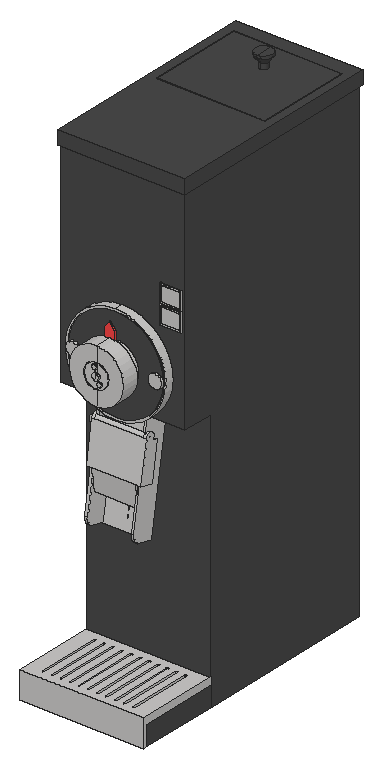
Revit family "QF_ELECTROLUXPROFESSIONAL_600792_E875BUK", category Specialty Equipment, Revit 2018
Family settings
  Round Connector Dimension = Use Diameter
  Part Type = Normal
  Work Plane-Based = No
  Always vertical = Yes
  Cut with Voids When Loaded = No
  Shared = No
  Room Calculation Point = No
Parameters
  Weight = 0.00 lbm
  Watts = 0 W
  Volts = 230 V
  URL Manufacturer = "http://professional.electrolux.com"
  URL = "http://professional.electrolux.com"
  Steam Supply Size = 0 mm
  Steam Supply Minimum Pressure = 0.00 psi
  Steam Supply Maximum Pressure = 0.00 psi
  Steam Pounds per Hour = 0
  Show Clearance [instance] = yes
  Refrigeration Suction Line Size = 0 mm
  Refrigeration Liquid Line Size = 0 mm
  Refrigerant Compressor Remote = yes
  Phase = 1
  Model = "E875BUK"
  Manufacturer = "Electrolux"
  Length Actual = 178 mm  # constant formula
  Item Number = "600792"
  Hot Water Size = 0 mm
  Height Actual = 711 mm  # constant formula
  HP = "1.1 HP"
  Gas Size = 0 mm
  Gas KW = 0
  Gas Input Pressure = 0.0 Btu/h
  Direct Waste Size = 0 mm
  Description = "GRINDER. ONE 1.4 KG HOPPER - BLACK-UK PLUG"
  Depth Actual = 381 mm  # constant formula
  Cycle = 50 Hz
  Condensate Return Size = 0 mm
  Compressed Air Volume = 0 GPM
  Compressed Air Size = 0 mm
  Compressed Air Pressure = 0.00 psi
  Cold Water Size = 0 mm
  Accessory = yes
Reference planes
  plane 1 "BACK": y = 0
  plane 2: z = 0
  plane 3 "LEFT": x = 0
  plane 4 "RIGHT": x = 177.8
  plane 5 "FRONT": y = -381
  plane 6 "TOP": z = 685.8
  plane 7 "Center Y": x = 88.9
  plane 8 "Center X": y = -190.5
  plane 9: y = -355.6
  plane 10: z = 368.3
  plane 11: z = 38.1
  plane 12: z = 247.65
  plane 13: z = 426.161
Forms (mm)
  Extrusion 1, solid, material "QF_Plastic - Black - Smooth"
    sketch origin (0, 0, 0) x (0, 1, 0) y (0, 0, 1)
      loop
        line (-309.442, 666.75) -> (-309.442, 368.3) -> (-264.385, 368.3) -> (-264.385, 0) -> (-3.747, 0) -> (-3.747, 666.75) -> (-309.442, 666.75)
    from 2.013 to 175.787
  Extrusion 2, solid, material "QF_Metal - Stainless - Polished"
    sketch origin (0, -309.442, 666.75) x (0, 0, -1) y (1, 0, 0)
      loop
        circle (240.589, 88.9) r 69.85
      loop
        circle (240.589, 88.9) r 67.38
    from 0 to 12.481
  Extrusion 3, solid, material "QF_Plastic - Black - Smooth"
    sketch origin (0, -309.442, 666.75) x (0, 0, -1) y (1, 0, 0)
      loop
        circle (240.589, 88.9) r 67.38
    from 0 to 12.481
  Extrusion 4, solid, material "QF_Metal - Stainless - Polished"
    sketch origin (88.9, -355.6, 426.952) x (0, 0, 1) y (-1, 0, 0)
      loop
        circle (10.204, 2.254) r 3.175
      loop
        circle (-10.006, -4.691) r 3.175
    from 0 to 0.794
  Extrusion 5, solid, material "QF_Metal - Stainless - Polished"
    sketch origin (0, -309.442, 666.75) x (0, 0, -1) y (1, 0, 0)
      loop
        line (124.105, 142.513) -> (149.505, 142.513) -> (149.505, 171.705) -> (124.105, 171.705) -> (124.105, 142.513)
      loop
        line (176.95, 142.513) -> (176.95, 171.705) -> (151.55, 171.705) -> (151.55, 142.513) -> (176.95, 142.513)
      loop
        line (125.692, 170.117) -> (125.692, 144.101) -> (147.917, 144.101) -> (147.917, 170.117) -> (125.692, 170.117)
      loop
        line (153.138, 170.117) -> (153.138, 144.101) -> (175.363, 144.101) -> (175.363, 170.117) -> (153.138, 170.117)
    from 0 to 1.588
  Extrusion 6, solid, material "QF_Metal - Stainless - Polished"
    sketch origin (0, -309.442, 666.75) x (0, 0, -1) y (1, 0, 0)
      loop
        line (147.917, 144.101) -> (147.917, 170.117) -> (125.692, 170.117) -> (125.692, 144.101) -> (147.917, 144.101)
      loop
        line (153.138, 144.101) -> (175.363, 144.101) -> (175.363, 170.117) -> (153.138, 170.117) -> (153.138, 144.101)
    from 0 to 1.588
  Extrusion 7, solid, material "QF_Metal - Stainless - Polished"
    sketch origin (0, 0, 0) x (0, 1, 0) y (0, 0, 1)
      loop
        line (-377.825, 27.995) -> (-377.825, 0) -> (-264.385, 0) -> (-264.385, 27.995) -> (-377.825, 27.995)
    from 2.013 to 175.787
  Extrusion 8, solid, material "QF_Metal - Stainless - Polished"
    sketch origin (0, -264.385, 387.35) x (0, 0, -1) y (1, 0, 0)
      loop
        line (359.355, 2.013) -> (359.355, 5.188) -> (349.25, 5.188) -> (349.25, 2.013) -> (359.355, 2.013)
      loop
        line (359.355, 175.787) -> (349.25, 175.787) -> (349.25, 172.612) -> (359.355, 172.612) -> (359.355, 175.787)
    from 0 to 113.44
  Extrusion 9, solid, material "QF_Metal - Stainless - Polished"
    sketch origin (7.246, -264.385, 38.1) x (-1, 0, 0) y (0, -1, 0)
      loop
        line (2.058, 0) -> (2.058, 113.44) -> (-165.367, 113.44) -> (-165.367, 0) -> (2.058, 0)
      loop
        arc (-16.599, 104.033) -> (-18.187, 105.621) -> (-19.774, 104.033) r 1.587
        line (-19.774, 104.033) -> (-19.774, 14.918)
        arc (-19.774, 14.918) -> (-18.187, 13.331) -> (-16.599, 14.918) r 1.587
        line (-16.599, 14.918) -> (-16.599, 104.033)
      loop
        arc (-29.299, 104.033) -> (-30.887, 105.621) -> (-32.474, 104.033) r 1.587
        line (-32.474, 104.033) -> (-32.474, 14.918)
        arc (-32.474, 14.918) -> (-30.887, 13.331) -> (-29.299, 14.918) r 1.587
        line (-29.299, 14.918) -> (-29.299, 104.033)
      loop
        arc (-41.999, 104.033) -> (-43.587, 105.621) -> (-45.174, 104.033) r 1.587
        line (-45.174, 104.033) -> (-45.174, 14.918)
        arc (-45.174, 14.918) -> (-43.587, 13.331) -> (-41.999, 14.918) r 1.587
        line (-41.999, 14.918) -> (-41.999, 104.033)
      loop
        arc (-54.699, 104.033) -> (-56.287, 105.621) -> (-57.874, 104.033) r 1.587
        line (-57.874, 104.033) -> (-57.874, 14.918)
        arc (-57.874, 14.918) -> (-56.287, 13.331) -> (-54.699, 14.918) r 1.587
        line (-54.699, 14.918) -> (-54.699, 104.033)
      loop
        arc (-67.399, 104.033) -> (-68.987, 105.621) -> (-70.574, 104.033) r 1.587
        line (-70.574, 104.033) -> (-70.574, 14.918)
        arc (-70.574, 14.918) -> (-68.987, 13.331) -> (-67.399, 14.918) r 1.587
        line (-67.399, 14.918) -> (-67.399, 104.033)
      loop
        arc (-80.099, 104.033) -> (-81.687, 105.621) -> (-83.274, 104.033) r 1.587
        line (-83.274, 104.033) -> (-83.274, 14.918)
        arc (-83.274, 14.918) -> (-81.687, 13.331) -> (-80.099, 14.918) r 1.587
        line (-80.099, 14.918) -> (-80.099, 104.033)
      loop
        arc (-92.799, 104.033) -> (-94.387, 105.621) -> (-95.974, 104.033) r 1.587
        line (-95.974, 104.033) -> (-95.974, 14.918)
        arc (-95.974, 14.918) -> (-94.387, 13.331) -> (-92.799, 14.918) r 1.587
        line (-92.799, 14.918) -> (-92.799, 104.033)
      loop
        arc (-105.499, 104.033) -> (-107.087, 105.621) -> (-108.674, 104.033) r 1.587
        line (-108.674, 104.033) -> (-108.674, 14.918)
        arc (-108.674, 14.918) -> (-107.087, 13.331) -> (-105.499, 14.918) r 1.587
        line (-105.499, 14.918) -> (-105.499, 104.033)
      loop
        arc (-118.199, 104.033) -> (-119.787, 105.621) -> (-121.374, 104.033) r 1.587
        line (-121.374, 104.033) -> (-121.374, 14.918)
        arc (-121.374, 14.918) -> (-119.787, 13.331) -> (-118.199, 14.918) r 1.587
        line (-118.199, 14.918) -> (-118.199, 104.033)
      loop
        arc (-130.899, 104.033) -> (-132.487, 105.621) -> (-134.074, 104.033) r 1.587
        line (-134.074, 104.033) -> (-134.074, 14.918)
        arc (-134.074, 14.918) -> (-132.487, 13.331) -> (-130.899, 14.918) r 1.587
        line (-130.899, 14.918) -> (-130.899, 104.033)
      loop
        arc (-143.599, 104.033) -> (-145.187, 105.621) -> (-146.774, 104.033) r 1.587
        line (-146.774, 104.033) -> (-146.774, 14.918)
        arc (-146.774, 14.918) -> (-145.187, 13.331) -> (-143.599, 14.918) r 1.587
        line (-143.599, 14.918) -> (-143.599, 104.033)
    from 0 to -3.175
  Extrusion 10, solid, material "QF_Metal - Stainless - Polished"
    sketch origin (0, -377.825, 34.674) x (0, 0, 1) y (-1, 0, 0)
      loop
        line (-34.674, -2.013) -> (-34.674, -175.787) -> (3.426, -175.787) -> (3.426, -2.013) -> (-34.674, -2.013)
    from 0 to 3.175
  Extrusion 11, solid, material "QF_Door-Drawer Clearances", visible <- "Show Clearance", detail levels coarse
    sketch origin (0, 0, 0) x (0, 1, 0) y (0, 0, 1)
      loop
        line (-155.281, 685.8) -> (-19.75, 685.8)
        arc (-19.75, 685.8) -> (-71.644, 756.009) -> (-155.281, 781.05) r 138.068
        line (-155.281, 781.05) -> (-155.281, 685.8)
    from 12.7 to 165.1
  Extrusion 12, solid, material "QF_Metal - Stainless - Polished"
    sketch origin (0, 0, -19.05) x (0, 1, 0) y (0, 0, 1)
      loop
        line (-274.945, 387.35) -> (-307.929, 387.35) -> (-332.59, 247.495)
        arc (-332.59, 247.495) -> (-330.734, 238.372) -> (-323.155, 232.967) r 12.7
        line (-323.155, 232.967) -> (-303.051, 227.954) -> (-274.945, 387.35)
    from 54.596 to 57.778
  Extrusion 13, solid, material "QF_Metal - Stainless - Polished"
    sketch origin (177.8, 0, -19.05) x (0, 1, 0) y (0, 0, -1)
      loop
        line (-274.945, -387.35) -> (-303.051, -227.954) -> (-323.155, -232.967)
        arc (-323.155, -232.967) -> (-330.734, -238.372) -> (-332.59, -247.495) r 12.7
        line (-332.59, -247.495) -> (-307.929, -387.35) -> (-274.945, -387.35)
    from 54.596 to 57.778
  Extrusion 14, solid, material "QF_Metal - Stainless - Polished"
    sketch origin (177.8, 0, -19.05) x (0, 1, 0) y (0, 0, -1)
      loop
        line (-274.945, -387.35) -> (-303.051, -227.954) -> (-306.139, -228.724) -> (-278.169, -387.35) -> (-274.945, -387.35)
    from 57.778 to 120.022
  Extrusion 15, solid, material "QF_Metal - Stainless - Polished"
    sketch origin (88.9, 0, -6.35) x (0, 1, 0) y (0, 0, 1)
      loop
        line (-294.166, 278.341) -> (-302.411, 231.58) -> (-295.737, 231.58)
        arc (-295.737, 231.58) -> (-290.17, 232.688) -> (-285.45, 235.841) r 14.548
        line (-285.45, 235.841) -> (-279.129, 242.162)
        arc (-279.129, 242.162) -> (-274.751, 252.734) -> (-279.129, 263.305) r 14.95
        line (-279.129, 263.305) -> (-294.166, 278.341)
    from -1.588 to 1.588
  Extrusion 16, solid, material "QF_Metal - Stainless - Polished"
    sketch origin (88.9, 0, -6.35) x (0, 1, 0) y (0, 0, 1)
      loop
        line (-288.967, 273.143) -> (-279.129, 263.305)
        arc (-279.129, 263.305) -> (-274.751, 252.734) -> (-279.129, 242.162) r 14.95
        line (-279.129, 242.162) -> (-285.45, 235.841)
        arc (-285.45, 235.841) -> (-287.655, 234.032) -> (-290.17, 232.688) r 14.548
        line (-290.17, 232.688) -> (-264.385, 188.026) -> (-264.385, 297.726) -> (-288.967, 273.143)
    from -1.588 to 1.588
  Extrusion 17, solid, material "QF_Metal - Stainless - Polished"
    sketch origin (177.8, 0, -19.05) x (0, 1, 0) y (0, 0, -1)
      loop
        line (-297.625, -354.366) -> (-306.973, -301.35) -> (-325.503, -305.97) -> (-315.625, -361.989)
        arc (-315.625, -361.989) -> (-308.269, -367.14) -> (-303.118, -359.784) r 6.35
        line (-303.118, -359.784) -> (-303.879, -355.468) -> (-297.625, -354.366)
      loop
        circle (-308.881, -362.582) r 1.85
    from 54.596 to 50.8
  Extrusion 18, solid, material "QF_Metal - Stainless - Polished"
    sketch origin (0, 0, -19.05) x (0, 1, 0) y (0, 0, 1)
      loop
        line (-297.625, 354.366) -> (-303.879, 355.468) -> (-303.118, 359.784)
        arc (-303.118, 359.784) -> (-308.269, 367.14) -> (-315.625, 361.989) r 6.35
        line (-315.625, 361.989) -> (-325.503, 305.97) -> (-306.973, 301.35) -> (-297.625, 354.366)
      loop
        circle (-308.881, 362.582) r 1.85
    from 54.596 to 50.8
  Extrusion 19, solid, material "QF_Metal - Stainless - Polished"
    sketch origin (177.8, 0, -19.05) x (0, 1, 0) y (0, 0, -1)
      loop
        line (-311.543, -366.854) -> (-322.414, -305.2) -> (-325.503, -305.97) -> (-315.625, -361.989)
        arc (-315.625, -361.989) -> (-314.236, -364.968) -> (-311.543, -366.854) r 6.35
    from 54.596 to 123.204
  Extrusion 20, solid, material "QF_Metal - Stainless - Polished"
    sketch origin (177.8, 0, -19.05) x (0, 1, 0) y (0, 0, -1)
      loop
        line (-322.414, -305.2) -> (-318.711, -275.034) -> (-321.66, -274.672) -> (-325.503, -305.97) -> (-322.414, -305.2)
    from 57.778 to 120.022
  Extrusion 21, solid, material "QF_Metal - Stainless - Polished"
    sketch origin (0, -264.385, 368.3) x (0, 0, -1) y (1, 0, 0)
      loop
        circle (62.446, 14.868) r 6.35
    from 0 to 3.175
  Revolve 22, solid, material "QF_Metal - Stainless - Polished"
    sketch origin (88.9, 0, -22.222) x (0, 1, 0) y (0, 0, 1)
      loop
        line (-357.61, 448.383) -> (-321.923, 448.383) -> (-321.923, 480.133) -> (-332.345, 480.133) -> (-332.345, 486.483) -> (-355.6, 486.483) -> (-355.6, 465.87) -> (-354.485, 465.87) -> (-354.485, 465.077) -> (-355.6, 465.077) -> (-355.6, 452.984) -> (-357.61, 452.984) -> (-357.61, 448.383)
      axis (-357.61, 448.383) -> (-321.923, 448.383)
    angle from 0 to 360
  Extrusion 23, solid, material "QF_Metal - Stainless - Polished"
    sketch origin (0, -321.923, 644.528) x (0, 0, -1) y (1, 0, 0)
      loop
        circle (218.367, 31.135) r 9.332
      loop
        circle (218.367, 146.665) r 9.332
    from 0 to 3.175
  Extrusion 24, solid, material "QF_Plastic - Red - Smooth"
    sketch origin (88.9, -332.345, 426.161) x (-1, 0, 0) y (0, 0, 1)
      loop
        line (7.332, 15.876) -> (7.332, 49.18) -> (0, 58.234) -> (-7.332, 49.18) -> (-7.332, 15.876)
        arc (-7.332, 15.876) -> (0, 17.487) -> (7.332, 15.876) r 17.487
    from 0 to 0.794
  Extrusion 25, solid, material "QF_Plastic - Black - Smooth"
    sketch origin (-975.299, -4572, 685.8) x (-1, 0, 0) y (0, -1, 0)
      loop
        line (-975.299, -4572) -> (-975.299, -4259.384) -> (-1153.099, -4259.384) -> (-1153.099, -4572) -> (-975.299, -4572)
      loop
        line (-987.999, -4552.25) -> (-987.999, -4416.719) -> (-1140.399, -4416.719) -> (-1140.399, -4552.25) -> (-987.999, -4552.25)
    from 0 to -19.05
  Extrusion 26, solid, material "QF_Plastic - Black - Smooth"
    sketch origin (-975.299, -4572, 685.8) x (-1, 0, 0) y (0, -1, 0)
      loop
        line (-987.999, -4552.25) -> (-987.999, -4416.719) -> (-1140.399, -4416.719) -> (-1140.399, -4552.25) -> (-987.999, -4552.25)
    from 0 to -19.05
  Revolve 27, solid, material "QF_Plastic - Black - Smooth"
    sketch origin (88.9, 183.335, 1219.2) x (0, 1, 0) y (0, 0, 1)
      loop
        line (-245.247, -513.819) -> (-257.154, -513.819) -> (-257.154, -517.187) -> (-250.761, -525.806) -> (-250.761, -533.4) -> (-245.247, -533.4) -> (-245.247, -513.819)
      axis (-245.247, -533.4) -> (-245.247, -513.819)
    angle from 0 to 360
Cuts and joins
  joined: Extrusion 8, Extrusion 9, Extrusion 10
  joined: Extrusion 17, Extrusion 18, Extrusion 19
Lines and regions (mm)
  Split face 1
    outline origin (0, -264.385, 387.35) x (0, 0, -1) y (1, 0, 0)
      loop
        line (222.858, 37.338) -> (248.258, 37.338) -> (248.258, 140.462) -> (222.858, 140.462) -> (222.858, 37.338)
  Split face 2
    outline origin (0, -309.442, 628.65) x (0, 0, -1) y (1, 0, 0)
      loop
        line (73.188, 10.037) -> (76.363, 10.037) -> (76.363, 167.763) -> (73.188, 167.763) -> (73.188, 10.037)
  Split face 3
    outline origin (0, -309.442, 624.681) x (0, 0, -1) y (1, 0, 0)
      loop
        line (73.188, 10.037) -> (76.363, 10.037) -> (76.363, 167.763) -> (73.188, 167.763) -> (73.188, 10.037)
  symbolic lines
    curve 1: line (0, 0, 0) -> (177.8, 0, 0)
    curve 2: line (0, -312.616, 0) -> (0, 0, 0)
    curve 3: line (177.8, -312.616, 0) -> (0, -312.616, 0)
    curve 4: line (177.8, 0, 0) -> (177.8, -312.616, 0)
    curve 5: line (175.787, -381, 0) -> (175.787, -312.616, 0)
    curve 6: line (2.013, -312.616, 0) -> (2.013, -381, 0)
    curve 7: line (2.013, -381, 0) -> (175.787, -381, 0)
    curve 8: line (19.05, -321.923, 0) -> (19.05, -312.616, 0)
    curve 9: line (19.05, -321.923, 0) -> (158.75, -321.923, 0)
    curve 10: line (158.75, -321.923, 0) -> (158.75, -312.616, 0)
    curve 11: line (23.845, -368.418, 0) -> (23.845, -325.098, 0)
    curve 12: line (27.02, -325.098, 0) -> (27.02, -368.418, 0)
    curve 13: arc (27.02, -368.418, 0) -> (25.432, -370.006, 0) -> (23.845, -368.418, 0) r 1.588
    curve 14: line (36.545, -368.418, 0) -> (36.545, -325.098, 0)
    curve 15: line (39.72, -325.098, 0) -> (39.72, -368.418, 0)
    curve 16: arc (39.72, -368.418, 0) -> (38.132, -370.006, 0) -> (36.545, -368.418, 0) r 1.588
    curve 17: line (40.468, -325.098, 0) -> (21.803, -325.098, 0)
    curve 18: line (21.803, -325.098, 0) -> (21.803, -321.923, 0)
    curve 19: line (40.468, -325.098, 0) -> (40.468, -321.923, 0)
    curve 20: line (153.955, -368.418, 0) -> (153.955, -325.098, 0)
    curve 21: line (150.78, -325.098, 0) -> (150.78, -368.418, 0)
    curve 22: arc (150.78, -368.418, 0) -> (152.368, -370.006, 0) -> (153.955, -368.418, 0) r 1.588
    curve 23: line (141.255, -368.418, 0) -> (141.255, -325.098, 0)
    curve 24: line (138.08, -325.098, 0) -> (138.08, -368.418, 0)
    curve 25: arc (138.08, -368.418, 0) -> (139.668, -370.006, 0) -> (141.255, -368.418, 0) r 1.588
    curve 26: line (155.997, -325.098, 0) -> (155.997, -321.923, 0)
    curve 27: line (155.997, -325.098, 0) -> (137.332, -325.098, 0)
    curve 28: line (137.332, -325.098, 0) -> (137.332, -321.923, 0)
    curve 29: line (49.245, -368.418, 0) -> (49.245, -321.923, 0)
    curve 30: line (52.42, -325.503, 0) -> (52.42, -332.345, 0)
    curve 31: arc (52.42, -368.418, 0) -> (50.832, -370.006, 0) -> (49.245, -368.418, 0) r 1.587
    curve 32: line (50.8, -332.345, 0) -> (127, -332.345, 0)
    curve 33: line (50.8, -355.6, 0) -> (50.8, -332.345, 0)
    curve 34: line (127, -355.6, 0) -> (50.8, -355.6, 0)
    curve 35: line (127, -332.345, 0) -> (127, -355.6, 0)
    curve 36: line (52.42, -355.6, 0) -> (52.42, -368.418, 0)
    curve 37: arc (65.12, -368.418, 0) -> (63.532, -370.006, 0) -> (61.945, -368.418, 0) r 1.587
    curve 38: arc (77.82, -368.418, 0) -> (76.232, -370.006, 0) -> (74.645, -368.418, 0) r 1.587
    curve 39: arc (103.22, -368.418, 0) -> (101.632, -370.006, 0) -> (100.045, -368.418, 0) r 1.587
    curve 40: arc (115.92, -368.418, 0) -> (114.332, -370.006, 0) -> (112.745, -368.418, 0) r 1.587
    curve 41: arc (128.62, -368.418, 0) -> (127.032, -370.006, 0) -> (125.445, -368.418, 0) r 1.587
    curve 42: line (61.945, -368.418, 0) -> (61.945, -355.6, 0)
    curve 43: line (65.12, -368.418, 0) -> (65.12, -355.6, 0)
    curve 44: line (74.645, -368.418, 0) -> (74.645, -355.6, 0)
    curve 45: line (77.82, -368.418, 0) -> (77.82, -355.6, 0)
    curve 46: line (100.045, -368.418, 0) -> (100.045, -355.6, 0)
    curve 47: line (103.22, -368.418, 0) -> (103.22, -355.6, 0)
    curve 48: line (112.745, -368.418, 0) -> (112.745, -355.6, 0)
    curve 49: line (115.92, -368.418, 0) -> (115.92, -355.6, 0)
    curve 50: line (125.445, -368.418, 0) -> (125.445, -355.6, 0)
    curve 51: line (128.62, -368.418, 0) -> (128.62, -321.923, 0)
    curve 52: line (87.345, -368.418, 0) -> (87.345, -357.61, 0)
    curve 53: line (90.52, -368.418, 0) -> (90.52, -357.61, 0)
    curve 54: line (84.3, -357.61, 0) -> (84.3, -356.394, 0)
    curve 55: line (84.3, -356.394, 0) -> (83.471, -356.394, 0)
    curve 56: line (83.471, -356.394, 0) -> (83.471, -355.6, 0)
    curve 57: line (84.3, -357.61, 0) -> (93.5, -357.61, 0)
    curve 58: line (93.5, -357.61, 0) -> (93.5, -356.394, 0)
    curve 59: line (93.5, -356.394, 0) -> (96.766, -356.394, 0)
    curve 60: line (96.766, -356.394, 0) -> (96.766, -355.6, 0)
    curve 61: line (89.821, -356.394, 0) -> (89.821, -355.6, 0)
    curve 62: line (84.3, -356.394, 0) -> (89.821, -356.394, 0)
    curve 63: line (120.65, -321.923, 0) -> (120.65, -332.345, 0)
    curve 64: line (57.15, -321.923, 0) -> (57.15, -332.345, 0)
    curve 65: line (50.8, -325.503, 0) -> (57.15, -325.503, 0)
    curve 66: line (50.8, -325.503, 0) -> (50.8, -321.923, 0)
    curve 67: line (123.204, -325.503, 0) -> (123.204, -332.345, 0)
    curve 68: line (125.445, -325.503, 0) -> (125.445, -332.345, 0)
    curve 69: line (12.7, -19.75, 685.8) -> (165.1, -19.75, 685.8)
    curve 70: line (12.7, -155.281, 685.8) -> (12.7, -19.75, 685.8)
    curve 71: line (165.1, -155.281, 685.8) -> (12.7, -155.281, 685.8)
    curve 72: line (165.1, -19.75, 685.8) -> (165.1, -155.281, 685.8)
    curve 73: circle (88.9, -61.912, 685.8) r 11.906 normal (0, 0, 1)
    curve 74: line (127, -325.503, 685.8) -> (127, -321.923, 685.8)
    curve 75: line (127, -325.503, 685.8) -> (120.65, -325.503, 685.8)
    curve 76: line (54.596, -325.503, 685.8) -> (54.596, -332.345, 685.8)
    curve 77: arc (90.52, -368.418, 685.8) -> (88.932, -370.006, 685.8) -> (87.345, -368.418, 685.8) r 1.587
Dimensions and locks
  equal spacing: plane 3 "LEFT", plane 7 "Center Y", plane 4 "RIGHT"
  plane 3 "LEFT" to plane 4 "RIGHT" = 177.8 mm
  equal spacing: plane 5 "FRONT", plane 8 "Center X", plane 1 "BACK"
  plane 5 "FRONT" to plane 1 "BACK" = 381 mm  (x2)
  plane 6 "TOP" to level = 685.8 mm
  plane 9 to plane 1 "BACK" = 355.6 mm
  plane 6 "TOP" to plane 2 = 685.8 mm
  plane 2 to plane 11 = 38.1 mm
  plane 11 to plane 10 = 330.2 mm
  plane 11 to plane 12 = 209.55 mm
  aligned and locked: plane 2 to level
Automatic sketch dimensions
  curve 3 to plane 3 "LEFT" = 0 mm
  plane 5 "FRONT" to curve 6 = 0 mm
  curve 34 to plane 9 = 0 mm
  curve 3 to plane 4 "RIGHT" = 0 mm
  plane 1 "BACK" to curve 1 = 0 mm
  plane 3 "LEFT" to curve 6 = 2.013 mm
  plane 3 "LEFT" to curve 8 = 19.05 mm
  curve 8 to curve 18 = 2.753 mm
  plane 3 "LEFT" to curve 11 = 23.845 mm
  curve 11 to curve 13 = 1.587 mm
  curve 13 to curve 14 = 9.525 mm
  curve 16 to curve 16 = 1.588 mm
  curve 15 to curve 17 = 0.748 mm
  curve 15 to curve 29 = 9.525 mm
  curve 29 to curve 66 = 1.555 mm
  curve 29 to curve 34 = 1.555 mm
  curve 29 to curve 31 = 1.587 mm
  curve 31 to curve 42 = 9.525 mm
  curve 42 to curve 37 = 1.587 mm
  curve 37 to curve 44 = 9.525 mm
  curve 44 to curve 38 = 1.587 mm
  curve 56 to plane 9 = 0.794 mm
  curve 56 to plane 7 "Center Y" = 5.429 mm
  curve 55 to curve 54 = 0.829 mm
  plane 7 "Center Y" to curve 62 = 0.921 mm
  curve 59 to plane 9 = 0.794 mm
  curve 61 to curve 59 = 3.68 mm
  curve 58 to curve 60 = 3.266 mm
  plane 7 "Center Y" to curve 46 = 11.145 mm
  curve 39 to curve 39 = 1.587 mm
  curve 39 to curve 48 = 9.525 mm
  curve 48 to curve 40 = 1.587 mm
  curve 49 to curve 50 = 9.525 mm
  curve 50 to curve 35 = 1.555 mm
  curve 50 to curve 41 = 1.587 mm
  curve 51 to curve 27 = 8.713 mm
  curve 51 to curve 24 = 9.461 mm
  curve 24 to curve 25 = 1.587 mm
  curve 25 to curve 21 = 9.525 mm
  curve 22 to curve 22 = 1.587 mm
  curve 20 to curve 27 = 2.042 mm
  curve 26 to curve 9 = 2.753 mm
  plane 4 "RIGHT" to curve 5 = 2.013 mm
  curve 40 to plane 5 "FRONT" = 12.582 mm
  curve 39 to curve 40 = 0 mm
  curve 44 to plane 5 "FRONT" = 12.582 mm
  curve 37 to curve 38 = 0 mm
  curve 36 to curve 37 = 0 mm
  curve 11 to plane 5 "FRONT" = 12.582 mm
  curve 13 to curve 14 = 0 mm
  curve 20 to plane 5 "FRONT" = 12.582 mm
  curve 51 to plane 5 "FRONT" = 12.582 mm
  curve 23 to curve 21 = 0 mm
  curve 57 to curve 58 = 1.216 mm
  curve 33 to curve 33 = 23.255 mm
  curve 32 to curve 66 = 6.843 mm
  curve 32 to curve 27 = 7.248 mm
  curve 65 to curve 19 = 0.405 mm
  curve 26 to curve 10 = 3.175 mm
  curve 8 to curve 3 = 9.307 mm
  curve 32 to curve 30 = 1.62 mm
  curve 30 to curve 64 = 4.73 mm
  curve 52 to plane 7 "Center Y" = 1.555 mm
  plane 7 "Center Y" to curve 53 = 1.62 mm
  curve 63 to curve 32 = 6.35 mm
  curve 63 to curve 67 = 2.554 mm
  curve 68 to curve 32 = 1.555 mm
  curve 53 to curve 46 = 0 mm
  curve 52 to curve 53 = 0 mm
  curve 67 to curve 63 = 3.58 mm
  curve 67 to curve 68 = 0 mm
  Extrusion 1 sketch curve to plane 10 = 0 mm
  Extrusion 1 sketch curve to level = 0 mm
  plane 9 to Extrusion 1 sketch curve = 46.158 mm
  Extrusion 1 sketch curve to plane 8 "Center X" = 73.885 mm
  plane 1 "BACK" to Extrusion 1 sketch curve = 3.747 mm
  Extrusion 1 sketch curve to plane 6 "TOP" = 19.05 mm
  Split face 1 sketch curve to Extrusion 1 = 35.325 mm  (x2)
  Split face 1 sketch curve to Extrusion 1 = 164.492 mm
  Split face 1 sketch curve to Split face 1 sketch curve = 25.4 mm
  Extrusion 2 sketch curve to Extrusion 2 sketch curve = 0 mm  (x6)
  Extrusion 1 to Extrusion 2 sketch curve = 57.861 mm
  Extrusion 1 to Extrusion 2 sketch curve = 86.887 mm
  Extrusion 2 sketch curve to Extrusion 2 sketch curve = 67.38 mm
  Extrusion 1 to Extrusion 3 sketch curve = 57.861 mm
  Extrusion 1 to Extrusion 3 sketch curve = 86.887 mm
  Extrusion 4 sketch curve to plane 13 = 9.216 mm
  Extrusion 4 sketch curve to plane 7 "Center Y" = 2.254 mm
  plane 13 to Extrusion 4 sketch curve = 10.995 mm
  plane 7 "Center Y" to Extrusion 4 sketch curve = 4.691 mm
  Extrusion 1 to Extrusion 5 sketch curve = 4.083 mm
  Extrusion 1 to Extrusion 5 sketch curve = 124.105 mm
  Extrusion 5 sketch curve to Extrusion 5 sketch curve = 1.587 mm  (x5)
  Extrusion 1 to Extrusion 5 sketch curve = 5.67 mm  (x2)
  Extrusion 5 sketch curve to Extrusion 5 sketch curve = 22.225 mm  (x2)
  Extrusion 5 sketch curve to Extrusion 5 sketch curve = 2.045 mm
  Extrusion 5 sketch curve to Extrusion 5 sketch curve = 26.016 mm
  Extrusion 5 sketch curve to Extrusion 5 sketch curve = 0 mm  (x2)
  Extrusion 5 sketch curve to Extrusion 5 sketch curve = 1.588 mm
  Extrusion 1 to Extrusion 6 sketch curve = 31.686 mm
  Extrusion 1 to Extrusion 6 sketch curve = 125.692 mm
  Extrusion 1 to Extrusion 6 sketch curve = 5.67 mm  (x2)
  Extrusion 6 sketch curve to Extrusion 6 sketch curve = 22.225 mm  (x2)
  Extrusion 6 sketch curve to Extrusion 6 sketch curve = 5.22 mm
  Extrusion 6 sketch curve to Extrusion 6 sketch curve = 0 mm
  Split face 2 sketch curve to Extrusion 1 = 8.024 mm  (x2)
  Split face 2 sketch curve to Extrusion 1 = 111.288 mm
  Split face 2 sketch curve to Split face 2 sketch curve = 3.175 mm
  Split face 3 sketch curve to Extrusion 1 = 8.024 mm  (x2)
  Split face 3 sketch curve to Extrusion 1 = 115.257 mm
  Split face 3 sketch curve to Split face 3 sketch curve = 3.175 mm
  Extrusion 7 sketch curve to level = 0 mm
  Extrusion 7 sketch curve to plane 5 "FRONT" = 3.175 mm
  Extrusion 7 sketch curve to plane 8 "Center X" = 73.885 mm
  plane 11 to Extrusion 7 sketch curve = 10.105 mm
  Extrusion 8 sketch curve to Extrusion 1 = 0 mm
  Extrusion 1 to Extrusion 8 sketch curve = 0 mm
  Extrusion 1 to Extrusion 8 sketch curve = 3.175 mm  (x2)
  Extrusion 8 sketch curve to Extrusion 1 = 38.1 mm  (x2)
  Extrusion 8 sketch curve to Extrusion 8 sketch curve = 10.105 mm  (x2)
  Extrusion 8 to Extrusion 9 sketch curve = 0 mm  (x2)
  Extrusion 9 sketch curve to Extrusion 8 = 0 mm
  Extrusion 9 sketch curve to Extrusion 8 = 18.657 mm
  Extrusion 9 sketch curve to Extrusion 9 sketch curve = 1.587 mm  (x11)
  Extrusion 9 sketch curve to Extrusion 9 sketch curve = 9.525 mm  (x10)
  Extrusion 9 sketch curve to Extrusion 9 sketch curve = 18.593 mm
  Extrusion 8 to Extrusion 9 sketch curve = 14.918 mm  (x2)
  Extrusion 9 sketch curve to Extrusion 9 sketch curve = 0 mm  (x9)
  Extrusion 8 to Extrusion 9 sketch curve = 9.407 mm  (x11)
  Extrusion 7 to Extrusion 10 sketch curve = 0 mm
  Extrusion 10 sketch curve to Extrusion 7 = 0 mm  (x2)
  Extrusion 10 sketch curve to Extrusion 7 = 10.105 mm
  Extrusion 12 sketch curve to plane 10 = 0 mm
  plane 9 to Extrusion 12 sketch curve = 23.01 mm
  Extrusion 12 sketch curve to Extrusion 12 sketch curve = 9.435 mm
  Extrusion 12 sketch curve to Extrusion 12 sketch curve = 3.072 mm
  plane 9 to Extrusion 12 sketch curve = 47.671 mm
  Extrusion 12 sketch curve to Extrusion 12 sketch curve = 20.104 mm
  Extrusion 12 sketch curve to Extrusion 12 sketch curve = 32.984 mm
  plane 12 to Extrusion 12 sketch curve = 19.205 mm
  Extrusion 12 sketch curve to Extrusion 12 sketch curve = 2.205 mm
  Extrusion 12 sketch curve to Extrusion 12 sketch curve = 5.013 mm
  Extrusion 13 sketch curve to plane 10 = 0 mm
  plane 9 to Extrusion 13 sketch curve = 23.01 mm
  Extrusion 13 sketch curve to Extrusion 13 sketch curve = 9.435 mm
  Extrusion 13 sketch curve to Extrusion 13 sketch curve = 3.072 mm
  plane 9 to Extrusion 13 sketch curve = 47.671 mm
  Extrusion 13 sketch curve to Extrusion 13 sketch curve = 20.104 mm
  Extrusion 13 sketch curve to Extrusion 13 sketch curve = 32.984 mm
  plane 12 to Extrusion 13 sketch curve = 19.205 mm
  Extrusion 13 sketch curve to Extrusion 13 sketch curve = 2.205 mm
  Extrusion 13 sketch curve to Extrusion 13 sketch curve = 5.013 mm
  Extrusion 14 sketch curve to plane 10 = 0 mm
  plane 9 to Extrusion 14 sketch curve = 49.461 mm
  Extrusion 14 sketch curve to Extrusion 14 sketch curve = 3.088 mm
  plane 9 to Extrusion 14 sketch curve = 77.431 mm
  Extrusion 14 sketch curve to Extrusion 14 sketch curve = 3.224 mm
  plane 12 to Extrusion 14 sketch curve = 37.976 mm
  Extrusion 14 sketch curve to Extrusion 14 sketch curve = 0.77 mm
  plane 12 to Extrusion 15 sketch curve = 22.42 mm
  plane 9 to Extrusion 15 sketch curve = 53.189 mm
  Extrusion 15 sketch curve to Extrusion 15 sketch curve = 6.674 mm
  Extrusion 15 sketch curve to plane 12 = 24.341 mm
  Extrusion 15 sketch curve to Extrusion 15 sketch curve = 1.571 mm
  plane 12 to Extrusion 15 sketch curve = 1.266 mm
  Extrusion 15 sketch curve to Extrusion 15 sketch curve = 6.037 mm
  plane 12 to Extrusion 15 sketch curve = 18.159 mm
  Extrusion 15 sketch curve to Extrusion 15 sketch curve = 10.287 mm
  plane 12 to Extrusion 15 sketch curve = 11.838 mm
  Extrusion 15 sketch curve to Extrusion 15 sketch curve = 6.321 mm
  Extrusion 15 sketch curve to plane 12 = 9.305 mm
  plane 12 to Extrusion 16 sketch curve = 7.872 mm
  plane 9 to Extrusion 16 sketch curve = 59.863 mm
  plane 12 to Extrusion 16 sketch curve = 21.312 mm
  Extrusion 16 sketch curve to Extrusion 16 sketch curve = 5.567 mm
  plane 12 to Extrusion 16 sketch curve = 1.266 mm
  Extrusion 16 sketch curve to Extrusion 16 sketch curve = 6.037 mm
  Extrusion 16 sketch curve to plane 12 = 19.143 mm
  Extrusion 16 sketch curve to Extrusion 16 sketch curve = 0.733 mm
  plane 12 to Extrusion 16 sketch curve = 18.159 mm
  plane 12 to Extrusion 16 sketch curve = 11.838 mm
  Extrusion 16 sketch curve to Extrusion 16 sketch curve = 6.321 mm
  Extrusion 16 sketch curve to plane 12 = 9.305 mm
  Extrusion 16 sketch curve to plane 12 = 43.726 mm
  Extrusion 16 sketch curve to Extrusion 16 sketch curve = 44.661 mm
  plane 9 to Extrusion 17 sketch curve = 30.097 mm
  plane 9 to Extrusion 17 sketch curve = 39.975 mm
  Extrusion 17 sketch curve to Extrusion 17 sketch curve = 6.254 mm
  Extrusion 17 sketch curve to Extrusion 17 sketch curve = 0.491 mm
  Extrusion 17 sketch curve to Extrusion 17 sketch curve = 18.529 mm
  Extrusion 17 sketch curve to plane 10 = 31.882 mm
  Extrusion 17 sketch curve to Extrusion 17 sketch curve = 5.493 mm
  Extrusion 17 sketch curve to plane 10 = 27.566 mm
  Extrusion 17 sketch curve to Extrusion 17 sketch curve = 0.761 mm
  level to Extrusion 17 sketch curve = 335.316 mm
  Extrusion 17 sketch curve to Extrusion 17 sketch curve = 1.103 mm
  Extrusion 17 sketch curve to Extrusion 17 sketch curve = 1.696 mm
  Extrusion 17 sketch curve to Extrusion 17 sketch curve = 4.62 mm
  plane 9 to Extrusion 18 sketch curve = 30.097 mm
  plane 9 to Extrusion 18 sketch curve = 39.975 mm
  Extrusion 18 sketch curve to Extrusion 18 sketch curve = 6.254 mm
  Extrusion 18 sketch curve to Extrusion 18 sketch curve = 0.491 mm
  Extrusion 18 sketch curve to Extrusion 18 sketch curve = 18.529 mm
  Extrusion 18 sketch curve to plane 10 = 31.882 mm
  Extrusion 18 sketch curve to Extrusion 18 sketch curve = 5.493 mm
  Extrusion 18 sketch curve to plane 10 = 27.566 mm
  Extrusion 18 sketch curve to Extrusion 18 sketch curve = 0.761 mm
  level to Extrusion 18 sketch curve = 335.316 mm
  Extrusion 18 sketch curve to Extrusion 18 sketch curve = 4.62 mm
  Extrusion 18 sketch curve to Extrusion 18 sketch curve = 1.103 mm
  Extrusion 18 sketch curve to Extrusion 18 sketch curve = 1.696 mm
  plane 9 to Extrusion 19 sketch curve = 30.097 mm
  Extrusion 19 sketch curve to Extrusion 19 sketch curve = 3.088 mm
  plane 9 to Extrusion 19 sketch curve = 39.975 mm
  Extrusion 19 sketch curve to plane 10 = 20.496 mm
  Extrusion 19 sketch curve to Extrusion 19 sketch curve = 4.082 mm
  Extrusion 19 sketch curve to Extrusion 19 sketch curve = 6.254 mm
  Extrusion 19 sketch curve to Extrusion 19 sketch curve = 4.864 mm
  Extrusion 19 sketch curve to plane 12 = 39.27 mm
  Extrusion 19 sketch curve to Extrusion 19 sketch curve = 0.77 mm
  plane 9 to Extrusion 20 sketch curve = 30.097 mm
  Extrusion 20 sketch curve to Extrusion 20 sketch curve = 3.088 mm
  Extrusion 20 sketch curve to plane 12 = 7.972 mm
  Extrusion 20 sketch curve to Extrusion 20 sketch curve = 0.755 mm
  level to Extrusion 20 sketch curve = 255.984 mm
  Extrusion 20 sketch curve to Extrusion 20 sketch curve = 2.949 mm
  plane 3 "LEFT" to Extrusion 21 sketch curve = 14.868 mm
  Extrusion 21 sketch curve to plane 12 = 58.204 mm
  Revolve 22 sketch curve to plane 13 = 0 mm  (x2)
  Revolve 22 sketch curve to plane 9 = 0 mm  (x2)
  Revolve 22 sketch curve to plane 9 = 2.01 mm
  plane 9 to Revolve 22 sketch curve = 1.115 mm
  plane 9 to Revolve 22 sketch curve = 23.255 mm
  Revolve 22 sketch curve to Revolve 22 sketch curve = 10.423 mm
  Revolve 22 sketch curve to Revolve 22 sketch curve = 4.6 mm
  Revolve 22 sketch curve to Revolve 22 sketch curve = 12.093 mm
  Revolve 22 sketch curve to Revolve 22 sketch curve = 0.794 mm
  Revolve 22 sketch curve to Revolve 22 sketch curve = 14.263 mm
  Revolve 22 sketch curve to Revolve 22 sketch curve = 6.35 mm
  Revolve 22 sketch curve to Revolve 22 sketch curve = 0 mm
  Revolve 22 sketch curve to Revolve 22 sketch curve = 19.05 mm
  Extrusion 23 sketch curve to plane 13 = 0 mm  (x2)
  plane 3 "LEFT" to Extrusion 23 sketch curve = 31.135 mm
  plane 4 "RIGHT" to Extrusion 23 sketch curve = 31.135 mm
  Revolve 22 to Extrusion 24 sketch curve = 0 mm
  Revolve 22 to Extrusion 24 sketch curve = 7.332 mm
  Extrusion 24 sketch curve to Revolve 22 = 7.332 mm
  Extrusion 24 sketch curve to Extrusion 24 sketch curve = 33.304 mm
  Extrusion 24 sketch curve to Extrusion 24 sketch curve = 0 mm
  Extrusion 24 sketch curve to Extrusion 24 sketch curve = 9.054 mm
  plane 1 "BACK" to Extrusion 25 sketch curve = 0 mm
  Extrusion 25 sketch curve to plane 4 "RIGHT" = 0 mm
  Extrusion 25 sketch curve to plane 3 "LEFT" = 0 mm
  plane 4 "RIGHT" to Extrusion 25 sketch curve = 12.7 mm
  plane 3 "LEFT" to Extrusion 25 sketch curve = 12.7 mm
  plane 1 "BACK" to Extrusion 25 sketch curve = 19.75 mm
  plane 8 "Center X" to Extrusion 25 sketch curve = 35.219 mm
  plane 9 to Extrusion 25 sketch curve = 42.984 mm
  plane 4 "RIGHT" to Extrusion 26 sketch curve = 12.7 mm
  plane 3 "LEFT" to Extrusion 26 sketch curve = 12.7 mm
  plane 1 "BACK" to Extrusion 26 sketch curve = 19.75 mm
  plane 8 "Center X" to Extrusion 26 sketch curve = 35.219 mm
  Revolve 27 sketch curve to plane 6 "TOP" = 0 mm
  plane 6 "TOP" to Revolve 27 sketch curve = 16.213 mm
  plane 1 "BACK" to Revolve 27 sketch curve = 73.819 mm
  plane 6 "TOP" to Revolve 27 sketch curve = 7.594 mm
  Revolve 27 sketch curve to Revolve 27 sketch curve = 6.392 mm
  Revolve 27 sketch curve to Revolve 27 sketch curve = 11.906 mm
  Revolve 27 sketch curve to Revolve 27 sketch curve = 3.368 mm
  Revolve 27 sketch curve to Revolve 27 sketch curve = 0 mm
  Revolve 27 sketch curve to plane 6 "TOP" = 28.378 mm
  Revolve 27 sketch curve to Revolve 27 sketch curve = 0.531 mm
  Extrusion 11 sketch curve to plane 6 "TOP" = 0 mm
  plane 1 "BACK" to Extrusion 11 sketch curve = 19.75 mm
  plane 8 "Center X" to Extrusion 11 sketch curve = 39.468 mm
  plane 8 "Center X" to Extrusion 11 sketch curve = 35.219 mm
  Extrusion 11 sketch curve to plane 6 "TOP" = 42.752 mm
  curve 73 to plane 7 "Center Y" = 0 mm
  plane 7 "Center Y" to curve 75 = 38.1 mm
  plane 4 "RIGHT" to curve 72 = 12.7 mm
  plane 3 "LEFT" to curve 70 = 12.7 mm
  plane 1 "BACK" to curve 69 = 19.75 mm
  plane 1 "BACK" to curve 73 = 61.912 mm
  plane 8 "Center X" to curve 70 = 35.219 mm
  plane 9 to curve 75 = 30.097 mm
  curve 74 to curve 75 = 6.35 mm
  curve 76 to plane 7 "Center Y" = 34.304 mm
  curve 74 to curve 74 = 3.58 mm
  plane 9 to curve 76 = 30.097 mm
  curve 76 to curve 76 = 6.843 mm
  radius of Extrusion 2 sketch curve = 69.85 mm
  radius of Extrusion 3 sketch curve = 67.38 mm
  radius of Extrusion 4 sketch curve = 3.175 mm  (x2)
  radius of Extrusion 17 sketch curve = 1.85 mm
  radius of Extrusion 18 sketch curve = 1.85 mm
  radius of Extrusion 21 sketch curve = 6.35 mm
  radius of Extrusion 23 sketch curve = 9.332 mm  (x2)
  radius of Extrusion 24 sketch curve to Revolve 22 = 14.263 mm
  radius of curve 73 = 11.906 mm
Connectors
  electrical at (14.868, -267.56, 305.854)
    settings: on Extrusion 21, index 1, voltage 115 V, apparent load 920 VA, apparent load phase1 0 VA, apparent load phase2 0 VA, apparent load phase3 0 VA, power factor 1, load classification "Other", number of poles 1, system type 30, power factor state 1, is connector primary yes, connector utility no, sub classification motor no, connector description "ELECTRICAL CONNECTION"
